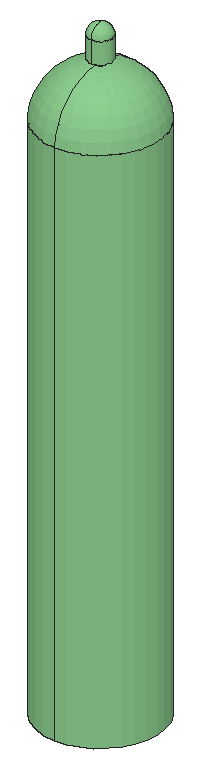
Revit family "Gas_Cilindro", category Specialty Equipment, Revit 2025
Family settings
  Round Connector Dimension = Use Diameter
  Part Type = Normal
  OmniClass Number = 23.40.20.00
  OmniClass Title = General Furniture and Specialties
  Work Plane-Based = No
  Enable Cutting in Views = No
  Always vertical = Yes
  Cut with Voids When Loaded = No
  Maintain Annotation Orientation = No
  Shared = No
  Room Calculation Point = Yes
Parameters (values of type "Cilindro_Gás")
  Nozzle Finish = CT_Cilindro_Gas
  Default Elevation = 0.000 m
  Cilindro_Raio [instance] = 0.150 m
Reference planes (m)
  plane 1: z = 0
  plane 2 "Eixo_Y": x = 0
  plane 3 "Eixo_X": y = -1.434717
Forms (m)
  Revolve 1, solid, material "CT_Cilindro_Gas"
    sketch origin (0, 0, 0) x (0, 1, 0) y (0, 0, 1)
      loop
        line (-1.584717, 1.397705) -> (-1.584717, 0) -> (-1.434717, 0) -> (-1.434717, 1.6279)
        arc (-1.434717, 1.6279) -> (-1.455537, 1.619276) -> (-1.464161, 1.598457) r 0.029443
        line (-1.464161, 1.598457) -> (-1.464161, 1.543457) -> (-1.449161, 1.543457) -> (-1.449161, 1.533262)
        arc (-1.449161, 1.533262) -> (-1.543091, 1.491635) -> (-1.584717, 1.397705) r 0.142706
      axis (-1.434717, 1.6279) -> (-1.434717, 0)
    angle from 0 to 360
Dimensions and locks (m)
  "Cilindro_Raio": Revolve 1 sketch curve to Revolve 1 sketch curve
  aligned and locked: plane 1 to level
  aligned and locked: Revolve 1 to level
Automatic sketch dimensions
  Revolve 1 sketch curve to level = 0.000 m
  Revolve 1 sketch curve to plane 3 "Eixo_X" = 0.000 m  (x2)
  plane 3 "Eixo_X" to Revolve 1 sketch curve = 0.029443 m
  plane 3 "Eixo_X" to Revolve 1 sketch curve = 0.014443 m
  plane 3 "Eixo_X" to Revolve 1 sketch curve = 0.007465 m
  level to Revolve 1 sketch curve = 1.390727 m
  Revolve 1 sketch curve to Revolve 1 sketch curve = 0.006978 m
  Revolve 1 sketch curve to Revolve 1 sketch curve = 0.010195 m
  Revolve 1 sketch curve to Revolve 1 sketch curve = 0.055 m
  level to Revolve 1 sketch curve = 0.450 m
  Revolve 1 sketch curve to Revolve 1 sketch curve = 0.190727 m
